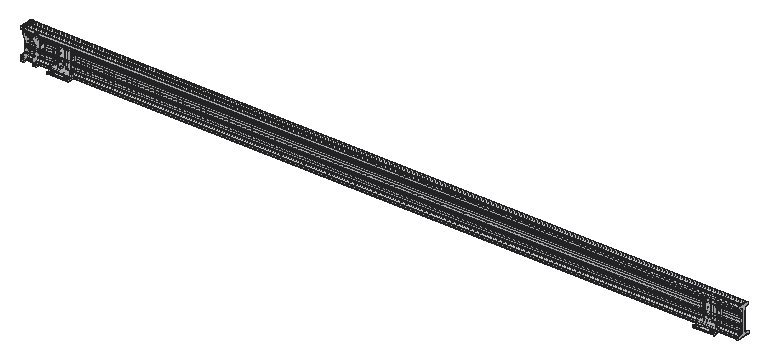
Revit family "Xbeam - 10m Beam + Brackets", category Structural Framing, Revit 2017 (continued)
Automatic sketch dimensions
  Extrusion 11 sketch curve to Extrusion 11 sketch curve = 0.502 mm  (x2)
  Extrusion 11 sketch curve to Extrusion 11 sketch curve = 1.295 mm
  Extrusion 11 sketch curve to Extrusion 11 sketch curve = 1.598 mm  (x2)
  Extrusion 11 sketch curve to Extrusion 11 sketch curve = 0.639 mm
  Extrusion 11 sketch curve to Extrusion 11 sketch curve = 0.124 mm  (x2)
  Extrusion 11 sketch curve to Extrusion 11 sketch curve = 0.847 mm  (x2)
  Extrusion 11 sketch curve to Extrusion 11 sketch curve = 0.366 mm  (x2)
  Extrusion 11 sketch curve to Extrusion 11 sketch curve = 0.423 mm  (x2)
  Extrusion 11 sketch curve to Extrusion 11 sketch curve = 4.112 mm
  Extrusion 11 sketch curve to Extrusion 11 sketch curve = 5.979 mm  (x2)
  Extrusion 11 sketch curve to Extrusion 11 sketch curve = 0.636 mm  (x2)
  Extrusion 11 sketch curve to Extrusion 11 sketch curve = 0.261 mm  (x2)
  Extrusion 11 sketch curve to Extrusion 11 sketch curve = 2.427 mm
  Extrusion 11 sketch curve to Extrusion 11 sketch curve = 1.499 mm  (x2)
  Extrusion 11 sketch curve to Extrusion 11 sketch curve = 1.323 mm  (x2)
  Extrusion 11 sketch curve to Extrusion 11 sketch curve = 2.324 mm  (x2)
  Extrusion 11 sketch curve to Extrusion 11 sketch curve = 4.829 mm  (x2)
  Extrusion 11 sketch curve to Extrusion 11 sketch curve = 0.801 mm  (x2)
  Extrusion 11 sketch curve to Extrusion 11 sketch curve = 12.957 mm
  Extrusion 11 sketch curve to Extrusion 11 sketch curve = 4 mm
  Extrusion 11 sketch curve to Extrusion 11 sketch curve = 7.484 mm
  Extrusion 11 sketch curve to Extrusion 11 sketch curve = 33.263 mm
  Extrusion 11 sketch curve to Extrusion 11 sketch curve = 1.771 mm
  Extrusion 11 sketch curve to Extrusion 11 sketch curve = 0.286 mm
  Extrusion 11 sketch curve to Extrusion 11 sketch curve = 0.61 mm
  Extrusion 11 sketch curve to Extrusion 11 sketch curve = 2.751 mm
  Extrusion 11 sketch curve to Extrusion 11 sketch curve = 2.62 mm
  Extrusion 11 sketch curve to Extrusion 11 sketch curve = 0.383 mm
  Extrusion 11 sketch curve to Extrusion 11 sketch curve = 3.533 mm
  Extrusion 11 sketch curve to Extrusion 11 sketch curve = 2.364 mm
  Extrusion 11 sketch curve to Extrusion 11 sketch curve = 1.963 mm
  Extrusion 11 sketch curve to Extrusion 11 sketch curve = 0.914 mm
  Extrusion 11 sketch curve to Extrusion 11 sketch curve = 0.268 mm
  Extrusion 11 sketch curve to Extrusion 11 sketch curve = 2.023 mm
  Extrusion 11 sketch curve to Extrusion 11 sketch curve = 0.603 mm  (x16)
  Extrusion 11 sketch curve to Extrusion 11 sketch curve = 2.443 mm
  Extrusion 11 sketch curve to Extrusion 11 sketch curve = 0.596 mm  (x16)
  Extrusion 11 sketch curve to Extrusion 11 sketch curve = 0.866 mm
  Extrusion 11 sketch curve to Extrusion 11 sketch curve = 1.312 mm  (x14)
  Extrusion 11 sketch curve to Extrusion 11 sketch curve = 1.783 mm
  Extrusion 11 sketch curve to Extrusion 11 sketch curve = 3.996 mm
  Extrusion 11 sketch curve to Extrusion 11 sketch curve = 2.833 mm
  Extrusion 11 sketch curve to Extrusion 11 sketch curve = 2.017 mm
  Extrusion 11 sketch curve to Extrusion 11 sketch curve = 0.285 mm
  Extrusion 11 sketch curve to Extrusion 11 sketch curve = 1.173 mm
  Extrusion 11 sketch curve to Extrusion 11 sketch curve = 0.781 mm
  Extrusion 11 sketch curve to Extrusion 11 sketch curve = 2.506 mm
  Extrusion 11 sketch curve to Extrusion 11 sketch curve = 0.776 mm
  Extrusion 12 sketch curve to Extrusion 12 sketch curve = 0.656 mm
  Extrusion 12 sketch curve to Extrusion 12 sketch curve = 1.3 mm  (x3)
  Extrusion 12 sketch curve to Extrusion 12 sketch curve = 0.644 mm
  Extrusion 12 sketch curve to Extrusion 12 sketch curve = 0.64 mm
  Extrusion 12 sketch curve to Extrusion 12 sketch curve = 0.045 mm
  Extrusion 12 sketch curve to Extrusion 12 sketch curve = 0.72 mm
  Extrusion 12 sketch curve to Extrusion 12 sketch curve = 0.054 mm
  Extrusion 12 sketch curve to Extrusion 12 sketch curve = 58.06 mm
  Extrusion 12 sketch curve to Extrusion 12 sketch curve = 0.07 mm
  Extrusion 12 sketch curve to Extrusion 12 sketch curve = 2.482 mm
  Extrusion 12 sketch curve to Extrusion 12 sketch curve = 0.318 mm
  Extrusion 12 sketch curve to Extrusion 12 sketch curve = 0.079 mm
  Extrusion 12 sketch curve to Extrusion 12 sketch curve = 0.441 mm
  Extrusion 12 sketch curve to Extrusion 12 sketch curve = 1.192 mm
  Extrusion 12 sketch curve to Extrusion 12 sketch curve = 0.051 mm
  Extrusion 12 sketch curve to Extrusion 12 sketch curve = 0.868 mm
  Extrusion 12 sketch curve to Extrusion 12 sketch curve = 0.011 mm
  Extrusion 12 sketch curve to Extrusion 12 sketch curve = 0.6 mm
  Extrusion 12 sketch curve to Extrusion 12 sketch curve = 1.363 mm
  Extrusion 12 sketch curve to Extrusion 12 sketch curve = 0.127 mm
  Extrusion 12 sketch curve to Extrusion 12 sketch curve = 0 mm  (x4)
  Extrusion 12 sketch curve to Extrusion 12 sketch curve = 0.998 mm
  Extrusion 12 sketch curve to Extrusion 12 sketch curve = 0.455 mm
  Extrusion 12 sketch curve to Extrusion 12 sketch curve = 1.863 mm
  Extrusion 12 sketch curve to Extrusion 12 sketch curve = 0.174 mm
  Extrusion 12 sketch curve to Extrusion 12 sketch curve = 1.462 mm
  Extrusion 12 sketch curve to Extrusion 12 sketch curve = 0.532 mm
  Extrusion 12 sketch curve to Extrusion 12 sketch curve = 0.475 mm
  Extrusion 12 sketch curve to Extrusion 12 sketch curve = 0.526 mm
  Extrusion 12 sketch curve to Extrusion 12 sketch curve = 0.359 mm
  Extrusion 13 sketch curve to Extrusion 13 sketch curve = 0.408 mm  (x2)
  Extrusion 13 sketch curve to Extrusion 13 sketch curve = 0.759 mm
  Extrusion 13 sketch curve to Extrusion 13 sketch curve = 0.532 mm
  Extrusion 13 sketch curve to Extrusion 13 sketch curve = 0.657 mm  (x2)
  Extrusion 13 sketch curve to Extrusion 13 sketch curve = 1.507 mm
  Extrusion 13 sketch curve to Extrusion 13 sketch curve = 0 mm  (x28)
  Extrusion 13 sketch curve to Extrusion 13 sketch curve = 1.61 mm  (x2)
  Extrusion 13 sketch curve to Extrusion 13 sketch curve = 0.534 mm  (x33)
  Extrusion 13 sketch curve to Extrusion 13 sketch curve = 1.383 mm  (x2)
  Extrusion 13 sketch curve to Extrusion 13 sketch curve = 1.86 mm
  Extrusion 13 sketch curve to Extrusion 13 sketch curve = 2.8 mm  (x3)
  Extrusion 13 sketch curve to Extrusion 13 sketch curve = 0.099 mm
  Extrusion 13 sketch curve to Extrusion 13 sketch curve = 0.238 mm
  Extrusion 13 sketch curve to Extrusion 13 sketch curve = 0.248 mm  (x2)
  Extrusion 13 sketch curve to Extrusion 13 sketch curve = 0.5 mm  (x5)
  Extrusion 13 sketch curve to Extrusion 13 sketch curve = 0.919 mm  (x2)
  Extrusion 13 sketch curve to Extrusion 13 sketch curve = 0.957 mm
  Extrusion 13 sketch curve to Extrusion 13 sketch curve = 0.912 mm
  Extrusion 13 sketch curve to Extrusion 13 sketch curve = 1.053 mm
  Extrusion 13 sketch curve to Extrusion 13 sketch curve = 0.76 mm  (x2)
  Extrusion 13 sketch curve to Extrusion 13 sketch curve = 0.82 mm
  Extrusion 13 sketch curve to Extrusion 13 sketch curve = 1.45 mm
  Extrusion 13 sketch curve to Extrusion 13 sketch curve = 1.381 mm
  Extrusion 13 sketch curve to Extrusion 13 sketch curve = 1.53 mm  (x2)
  Extrusion 13 sketch curve to Extrusion 13 sketch curve = 1.145 mm  (x2)
  Extrusion 13 sketch curve to Extrusion 13 sketch curve = 0.826 mm  (x2)
  Extrusion 13 sketch curve to Extrusion 13 sketch curve = 1.422 mm
  Extrusion 13 sketch curve to Extrusion 13 sketch curve = 1.785 mm  (x2)
  Extrusion 13 sketch curve to Extrusion 13 sketch curve = 0.754 mm  (x2)
  Extrusion 13 sketch curve to Extrusion 13 sketch curve = 0.38 mm  (x2)
  Extrusion 13 sketch curve to Extrusion 13 sketch curve = 6.105 mm
  Extrusion 13 sketch curve to Extrusion 13 sketch curve = 1.612 mm
  Extrusion 13 sketch curve to Extrusion 13 sketch curve = 1.063 mm  (x4)
  Extrusion 13 sketch curve to Extrusion 13 sketch curve = 0.78 mm  (x2)
  Extrusion 13 sketch curve to Extrusion 13 sketch curve = 0.749 mm  (x2)
  Extrusion 13 sketch curve to Extrusion 13 sketch curve = 1.088 mm
  Extrusion 13 sketch curve to Extrusion 13 sketch curve = 1.241 mm
  Extrusion 13 sketch curve to Extrusion 13 sketch curve = 1.002 mm  (x2)
  Extrusion 13 sketch curve to Extrusion 13 sketch curve = 2.309 mm  (x2)
  Extrusion 13 sketch curve to Extrusion 13 sketch curve = 0.84 mm  (x2)
  Extrusion 13 sketch curve to Extrusion 13 sketch curve = 1.428 mm  (x2)
  Extrusion 13 sketch curve to Extrusion 13 sketch curve = 12.877 mm
  Extrusion 13 sketch curve to Extrusion 13 sketch curve = 10.65 mm  (x2)
  Extrusion 13 sketch curve to Extrusion 13 sketch curve = 2.64 mm
  Extrusion 13 sketch curve to Extrusion 13 sketch curve = 19.229 mm
  Extrusion 13 sketch curve to Extrusion 13 sketch curve = 0.899 mm
  Extrusion 13 sketch curve to Extrusion 13 sketch curve = 0.308 mm
  Extrusion 13 sketch curve to Extrusion 13 sketch curve = 1.958 mm
  Extrusion 13 sketch curve to Extrusion 13 sketch curve = 0.986 mm
  Extrusion 13 sketch curve to Extrusion 13 sketch curve = 5.915 mm
  Extrusion 13 sketch curve to Extrusion 13 sketch curve = 2.806 mm
  Extrusion 13 sketch curve to Extrusion 13 sketch curve = 0.19 mm
  Extrusion 13 sketch curve to Extrusion 13 sketch curve = 13.457 mm
  Extrusion 13 sketch curve to Extrusion 13 sketch curve = 2.266 mm  (x3)
  Extrusion 13 sketch curve to Extrusion 13 sketch curve = 26.369 mm
  Extrusion 13 sketch curve to Extrusion 13 sketch curve = 0.045 mm
  Extrusion 13 sketch curve to Extrusion 13 sketch curve = 0.227 mm
  Extrusion 13 sketch curve to Extrusion 13 sketch curve = 0.01 mm
  Extrusion 13 sketch curve to Extrusion 13 sketch curve = 0.929 mm
  Extrusion 13 sketch curve to Extrusion 13 sketch curve = 0.249 mm
  Extrusion 13 sketch curve to Extrusion 13 sketch curve = 2.63 mm
  Extrusion 13 sketch curve to Extrusion 13 sketch curve = 0.575 mm
  Extrusion 13 sketch curve to Extrusion 13 sketch curve = 1.68 mm
  Extrusion 13 sketch curve to Extrusion 13 sketch curve = 0.579 mm
  Extrusion 13 sketch curve to Extrusion 13 sketch curve = 3.263 mm
  Extrusion 13 sketch curve to Extrusion 13 sketch curve = 0.851 mm
  Extrusion 13 sketch curve to Extrusion 13 sketch curve = 0.285 mm  (x2)
  Extrusion 13 sketch curve to Extrusion 13 sketch curve = 2.396 mm
  Extrusion 13 sketch curve to Extrusion 13 sketch curve = 3.41 mm
  Extrusion 13 sketch curve to Extrusion 13 sketch curve = 0.596 mm  (x32)
  Extrusion 13 sketch curve to Extrusion 13 sketch curve = 0.603 mm  (x32)
  Extrusion 13 sketch curve to Extrusion 13 sketch curve = 1.312 mm  (x28)
  Extrusion 13 sketch curve to Extrusion 13 sketch curve = 3.996 mm  (x2)
  Extrusion 13 sketch curve to Extrusion 13 sketch curve = 1.783 mm  (x2)
  Extrusion 13 sketch curve to Extrusion 13 sketch curve = 0.866 mm  (x2)
  Extrusion 13 sketch curve to Extrusion 13 sketch curve = 1.519 mm
  Extrusion 13 sketch curve to Extrusion 13 sketch curve = 2.443 mm  (x2)
  Extrusion 13 sketch curve to Extrusion 13 sketch curve = 0.769 mm
  Extrusion 13 sketch curve to Extrusion 13 sketch curve = 2.023 mm  (x2)
  Extrusion 13 sketch curve to Extrusion 13 sketch curve = 0.914 mm  (x2)
  Extrusion 13 sketch curve to Extrusion 13 sketch curve = 1.963 mm  (x2)
  Extrusion 13 sketch curve to Extrusion 13 sketch curve = 0.661 mm
  Extrusion 13 sketch curve to Extrusion 13 sketch curve = 1.095 mm
  Extrusion 13 sketch curve to Extrusion 13 sketch curve = 1.347 mm
  Extrusion 13 sketch curve to Extrusion 13 sketch curve = 1.097 mm
  Extrusion 13 sketch curve to Extrusion 13 sketch curve = 3.533 mm  (x2)
  Extrusion 13 sketch curve to Extrusion 13 sketch curve = 0.479 mm
  Extrusion 13 sketch curve to Extrusion 13 sketch curve = 0.61 mm  (x2)
  Extrusion 13 sketch curve to Extrusion 13 sketch curve = 0.619 mm
  Extrusion 13 sketch curve to Extrusion 13 sketch curve = 28.716 mm
  Extrusion 13 sketch curve to Extrusion 13 sketch curve = 3.8 mm
  Extrusion 13 sketch curve to Extrusion 13 sketch curve = 21.268 mm
  Extrusion 13 sketch curve to Extrusion 13 sketch curve = 21.014 mm
  Extrusion 13 sketch curve to Extrusion 13 sketch curve = 3.951 mm
  Extrusion 13 sketch curve to Extrusion 13 sketch curve = 0.587 mm
  Extrusion 13 sketch curve to Extrusion 13 sketch curve = 25.193 mm
  Extrusion 13 sketch curve to Extrusion 13 sketch curve = 1.771 mm
  Extrusion 13 sketch curve to Extrusion 13 sketch curve = 0.286 mm
  Extrusion 13 sketch curve to Extrusion 13 sketch curve = 0.41 mm
  Extrusion 13 sketch curve to Extrusion 13 sketch curve = 0.599 mm
  Extrusion 13 sketch curve to Extrusion 13 sketch curve = 2.751 mm
  Extrusion 13 sketch curve to Extrusion 13 sketch curve = 2.62 mm
  Extrusion 13 sketch curve to Extrusion 13 sketch curve = 0.383 mm
  Extrusion 13 sketch curve to Extrusion 13 sketch curve = 2.364 mm
  Extrusion 13 sketch curve to Extrusion 13 sketch curve = 0.268 mm
  Extrusion 13 sketch curve to Extrusion 13 sketch curve = 2.833 mm
  Extrusion 13 sketch curve to Extrusion 13 sketch curve = 2.017 mm
  Extrusion 13 sketch curve to Extrusion 13 sketch curve = 1.173 mm
  Extrusion 13 sketch curve to Extrusion 13 sketch curve = 0.781 mm
  Extrusion 13 sketch curve to Extrusion 13 sketch curve = 2.506 mm
  Extrusion 13 sketch curve to Extrusion 13 sketch curve = 0.776 mm
  Extrusion 14 sketch curve to Extrusion 14 sketch curve = 0.6 mm
  Extrusion 14 sketch curve to Extrusion 14 sketch curve = 0.011 mm
  Extrusion 14 sketch curve to Extrusion 14 sketch curve = 0.051 mm
  Extrusion 14 sketch curve to Extrusion 14 sketch curve = 0.868 mm
  Extrusion 14 sketch curve to Extrusion 14 sketch curve = 0.441 mm
  Extrusion 14 sketch curve to Extrusion 14 sketch curve = 0.521 mm
  Extrusion 14 sketch curve to Extrusion 14 sketch curve = 0.318 mm
  Extrusion 14 sketch curve to Extrusion 14 sketch curve = 2.81 mm
  Extrusion 14 sketch curve to Extrusion 14 sketch curve = 0.07 mm
  Extrusion 14 sketch curve to Extrusion 14 sketch curve = 57.995 mm
  Extrusion 14 sketch curve to Extrusion 14 sketch curve = 0.054 mm
  Extrusion 14 sketch curve to Extrusion 14 sketch curve = 0.036 mm
  Extrusion 14 sketch curve to Extrusion 14 sketch curve = 0.045 mm
  Extrusion 14 sketch curve to Extrusion 14 sketch curve = 0.64 mm
  Extrusion 14 sketch curve to Extrusion 14 sketch curve = 0.774 mm  (x2)
  Extrusion 14 sketch curve to Extrusion 14 sketch curve = 0.644 mm
  Extrusion 14 sketch curve to Extrusion 14 sketch curve = 1.3 mm  (x2)
  Extrusion 14 sketch curve to Extrusion 14 sketch curve = 0.174 mm
  Extrusion 14 sketch curve to Extrusion 14 sketch curve = 1.863 mm
  Extrusion 14 sketch curve to Extrusion 14 sketch curve = 0.327 mm
  Extrusion 14 sketch curve to Extrusion 14 sketch curve = 0.328 mm
  Extrusion 14 sketch curve to Extrusion 14 sketch curve = 0 mm  (x3)
  Extrusion 14 sketch curve to Extrusion 14 sketch curve = 0.455 mm
  Extrusion 14 sketch curve to Extrusion 14 sketch curve = 0.998 mm
  Extrusion 14 sketch curve to Extrusion 14 sketch curve = 1.49 mm
  Extrusion 14 sketch curve to Extrusion 14 sketch curve = 2.959 mm
  Extrusion 14 sketch curve to Extrusion 14 sketch curve = 1.462 mm
  Extrusion 14 sketch curve to Extrusion 14 sketch curve = 1.501 mm
  Extrusion 14 sketch curve to Extrusion 14 sketch curve = 4.574 mm
  Extrusion 14 sketch curve to Extrusion 14 sketch curve = 0.532 mm
  Extrusion 14 sketch curve to Extrusion 14 sketch curve = 0.475 mm
  Extrusion 14 sketch curve to Extrusion 14 sketch curve = 2.664 mm
  Extrusion 14 sketch curve to Extrusion 14 sketch curve = 0.562 mm
  Extrusion 14 sketch curve to Extrusion 14 sketch curve = 0.526 mm
  Extrusion 14 sketch curve to Extrusion 14 sketch curve = 0.359 mm
  Extrusion 15 sketch curve to Extrusion 15 sketch curve = 0.656 mm
  Extrusion 15 sketch curve to Extrusion 15 sketch curve = 1.3 mm  (x3)
  Extrusion 15 sketch curve to Extrusion 15 sketch curve = 0.644 mm
  Extrusion 15 sketch curve to Extrusion 15 sketch curve = 0.64 mm
  Extrusion 15 sketch curve to Extrusion 15 sketch curve = 0.045 mm
  Extrusion 15 sketch curve to Extrusion 15 sketch curve = 0.72 mm
  Extrusion 15 sketch curve to Extrusion 15 sketch curve = 0.054 mm
  Extrusion 15 sketch curve to Extrusion 15 sketch curve = 58.06 mm
  Extrusion 15 sketch curve to Extrusion 15 sketch curve = 0.07 mm
  Extrusion 15 sketch curve to Extrusion 15 sketch curve = 2.482 mm
  Extrusion 15 sketch curve to Extrusion 15 sketch curve = 0.318 mm
  Extrusion 15 sketch curve to Extrusion 15 sketch curve = 0.079 mm
  Extrusion 15 sketch curve to Extrusion 15 sketch curve = 0.441 mm
  Extrusion 15 sketch curve to Extrusion 15 sketch curve = 1.192 mm
  Extrusion 15 sketch curve to Extrusion 15 sketch curve = 0.051 mm
  Extrusion 15 sketch curve to Extrusion 15 sketch curve = 0.868 mm
  Extrusion 15 sketch curve to Extrusion 15 sketch curve = 0.011 mm
  Extrusion 15 sketch curve to Extrusion 15 sketch curve = 0.6 mm
  Extrusion 15 sketch curve to Extrusion 15 sketch curve = 0.174 mm
  Extrusion 15 sketch curve to Extrusion 15 sketch curve = 1.863 mm
  Extrusion 15 sketch curve to Extrusion 15 sketch curve = 0.327 mm
  Extrusion 15 sketch curve to Extrusion 15 sketch curve = 0.328 mm
  Extrusion 15 sketch curve to Extrusion 15 sketch curve = 0 mm  (x4)
  Extrusion 15 sketch curve to Extrusion 15 sketch curve = 0.455 mm
  Extrusion 15 sketch curve to Extrusion 15 sketch curve = 0.998 mm
  Extrusion 15 sketch curve to Extrusion 15 sketch curve = 1.49 mm
  Extrusion 15 sketch curve to Extrusion 15 sketch curve = 2.959 mm
  Extrusion 15 sketch curve to Extrusion 15 sketch curve = 1.462 mm
  Extrusion 15 sketch curve to Extrusion 15 sketch curve = 1.501 mm
  Extrusion 15 sketch curve to Extrusion 15 sketch curve = 4.574 mm
  Extrusion 15 sketch curve to Extrusion 15 sketch curve = 0.532 mm
  Extrusion 15 sketch curve to Extrusion 15 sketch curve = 0.475 mm
  Extrusion 15 sketch curve to Extrusion 15 sketch curve = 2.664 mm
  Extrusion 15 sketch curve to Extrusion 15 sketch curve = 0.526 mm
  Extrusion 15 sketch curve to Extrusion 15 sketch curve = 0.359 mm
  Extrusion 16 sketch curve to Extrusion 16 sketch curve = 0.754 mm  (x3)
  Extrusion 16 sketch curve to Extrusion 16 sketch curve = 0.918 mm
  Extrusion 16 sketch curve to Extrusion 16 sketch curve = 0.944 mm  (x2)
  Extrusion 16 sketch curve to Extrusion 16 sketch curve = 0.238 mm  (x2)
  Extrusion 16 sketch curve to Extrusion 16 sketch curve = 1.941 mm
  Extrusion 16 sketch curve to Extrusion 16 sketch curve = 0.41 mm  (x3)
  Extrusion 16 sketch curve to Extrusion 16 sketch curve = 0 mm  (x53)
  Extrusion 16 sketch curve to Extrusion 16 sketch curve = 0.798 mm
  Extrusion 16 sketch curve to Extrusion 16 sketch curve = 0.58 mm  (x2)
  Extrusion 16 sketch curve to Extrusion 16 sketch curve = 0.53 mm  (x39)
  Extrusion 16 sketch curve to Extrusion 16 sketch curve = 1.059 mm  (x2)
  Extrusion 16 sketch curve to Extrusion 16 sketch curve = 0.893 mm  (x2)
  Extrusion 16 sketch curve to Extrusion 16 sketch curve = 9.75 mm  (x3)
  Extrusion 16 sketch curve to Extrusion 16 sketch curve = 39.68 mm  (x2)
  Extrusion 16 sketch curve to Extrusion 16 sketch curve = 0.8 mm  (x4)
  Extrusion 16 sketch curve to Extrusion 16 sketch curve = 9.47 mm  (x2)
  Extrusion 16 sketch curve to Extrusion 16 sketch curve = 0.619 mm  (x2)
  Extrusion 16 sketch curve to Extrusion 16 sketch curve = 1 mm  (x2)
  Extrusion 16 sketch curve to Extrusion 16 sketch curve = 0.5 mm  (x10)
  Extrusion 16 sketch curve to Extrusion 16 sketch curve = 2 mm
  Extrusion 16 sketch curve to Extrusion 16 sketch curve = 0.408 mm
  Extrusion 16 sketch curve to Extrusion 16 sketch curve = 0.532 mm
  Extrusion 16 sketch curve to Extrusion 16 sketch curve = 3.87 mm  (x2)
  Extrusion 16 sketch curve to Extrusion 16 sketch curve = 1.61 mm
  Extrusion 16 sketch curve to Extrusion 16 sketch curve = 0.249 mm
  Extrusion 16 sketch curve to Extrusion 16 sketch curve = 2.8 mm
  Extrusion 16 sketch curve to Extrusion 16 sketch curve = 0.2 mm
  Extrusion 16 sketch curve to Extrusion 16 sketch curve = 0.248 mm
  Extrusion 16 sketch curve to Extrusion 16 sketch curve = 0.919 mm  (x2)
  Extrusion 16 sketch curve to Extrusion 16 sketch curve = 0.534 mm  (x16)
  Extrusion 16 sketch curve to Extrusion 16 sketch curve = 0.992 mm  (x2)
  Extrusion 16 sketch curve to Extrusion 16 sketch curve = 0.82 mm
  Extrusion 16 sketch curve to Extrusion 16 sketch curve = 2.002 mm  (x2)
  Extrusion 16 sketch curve to Extrusion 16 sketch curve = 1.381 mm
  Extrusion 16 sketch curve to Extrusion 16 sketch curve = 1.53 mm
  Extrusion 16 sketch curve to Extrusion 16 sketch curve = 1.145 mm
  Extrusion 16 sketch curve to Extrusion 16 sketch curve = 1.98 mm
  Extrusion 16 sketch curve to Extrusion 16 sketch curve = 0.826 mm
  Extrusion 16 sketch curve to Extrusion 16 sketch curve = 1.422 mm
  Extrusion 16 sketch curve to Extrusion 16 sketch curve = 1.785 mm
  Extrusion 16 sketch curve to Extrusion 16 sketch curve = 0.38 mm
  Extrusion 16 sketch curve to Extrusion 16 sketch curve = 1.612 mm
  Extrusion 16 sketch curve to Extrusion 16 sketch curve = 1.063 mm  (x2)
  Extrusion 16 sketch curve to Extrusion 16 sketch curve = 0.749 mm
  Extrusion 16 sketch curve to Extrusion 16 sketch curve = 12.195 mm
  Extrusion 16 sketch curve to Extrusion 16 sketch curve = 12.604 mm
  Extrusion 16 sketch curve to Extrusion 16 sketch curve = 10.65 mm
  Extrusion 16 sketch curve to Extrusion 16 sketch curve = 1.428 mm
  Extrusion 16 sketch curve to Extrusion 16 sketch curve = 0.84 mm
  Extrusion 16 sketch curve to Extrusion 16 sketch curve = 2.64 mm
  Extrusion 16 sketch curve to Extrusion 16 sketch curve = 1.002 mm
  Extrusion 16 sketch curve to Extrusion 16 sketch curve = 2.309 mm
  Extrusion 16 sketch curve to Extrusion 16 sketch curve = 0.308 mm
  Extrusion 16 sketch curve to Extrusion 16 sketch curve = 0.78 mm
  Extrusion 16 sketch curve to Extrusion 16 sketch curve = 13.002 mm
  Extrusion 16 sketch curve to Extrusion 16 sketch curve = 5.915 mm
  Extrusion 16 sketch curve to Extrusion 16 sketch curve = 0.19 mm
  Extrusion 16 sketch curve to Extrusion 16 sketch curve = 13.411 mm
  Extrusion 16 sketch curve to Extrusion 16 sketch curve = 0.273 mm
  Extrusion 16 sketch curve to Extrusion 16 sketch curve = 0.76 mm
  Extrusion 16 sketch curve to Extrusion 16 sketch curve = 19.229 mm
  Extrusion 16 sketch curve to Extrusion 16 sketch curve = 1.383 mm
  Extrusion 16 sketch curve to Extrusion 16 sketch curve = 0.657 mm
  Extrusion 16 sketch curve to Extrusion 16 sketch curve = 3 mm
  Extrusion 16 sketch curve to Extrusion 16 sketch curve = 0.759 mm
  Extrusion 16 sketch curve to Extrusion 16 sketch curve = 3.781 mm
  Extrusion 16 sketch curve to Extrusion 16 sketch curve = 0.088 mm
  Extrusion 16 sketch curve to Extrusion 16 sketch curve = 1.5 mm  (x3)
  Extrusion 16 sketch curve to Extrusion 16 sketch curve = 0.484 mm
  Extrusion 16 sketch curve to Extrusion 16 sketch curve = 0.436 mm
  Extrusion 16 sketch curve to Extrusion 16 sketch curve = 1.397 mm  (x2)
  Extrusion 16 sketch curve to Extrusion 16 sketch curve = 0.859 mm  (x2)
  Extrusion 16 sketch curve to Extrusion 16 sketch curve = 1.146 mm  (x4)
  Extrusion 16 sketch curve to Extrusion 16 sketch curve = 0.608 mm  (x38)
  Extrusion 16 sketch curve to Extrusion 16 sketch curve = 0.709 mm  (x2)
  Extrusion 16 sketch curve to Extrusion 16 sketch curve = 5 mm
  Extrusion 16 sketch curve to Extrusion 16 sketch curve = 0.599 mm  (x39)
  Extrusion 16 sketch curve to Extrusion 16 sketch curve = 1.021 mm  (x2)
  Extrusion 16 sketch curve to Extrusion 16 sketch curve = 1.293 mm  (x34)
  Extrusion 16 sketch curve to Extrusion 16 sketch curve = 0.502 mm  (x2)
  Extrusion 16 sketch curve to Extrusion 16 sketch curve = 1.598 mm  (x2)
  Extrusion 16 sketch curve to Extrusion 16 sketch curve = 0.639 mm  (x2)
  Extrusion 16 sketch curve to Extrusion 16 sketch curve = 0.124 mm  (x2)
  Extrusion 16 sketch curve to Extrusion 16 sketch curve = 0.847 mm  (x2)
  Extrusion 16 sketch curve to Extrusion 16 sketch curve = 0.366 mm  (x2)
  Extrusion 16 sketch curve to Extrusion 16 sketch curve = 0.423 mm  (x2)
  Extrusion 16 sketch curve to Extrusion 16 sketch curve = 5.979 mm  (x2)
  Extrusion 16 sketch curve to Extrusion 16 sketch curve = 0.636 mm  (x2)
  Extrusion 16 sketch curve to Extrusion 16 sketch curve = 0.261 mm  (x2)
  Extrusion 16 sketch curve to Extrusion 16 sketch curve = 2.427 mm  (x2)
  Extrusion 16 sketch curve to Extrusion 16 sketch curve = 1.499 mm  (x2)
  Extrusion 16 sketch curve to Extrusion 16 sketch curve = 2.324 mm  (x2)
  Extrusion 16 sketch curve to Extrusion 16 sketch curve = 1.323 mm  (x2)
  Extrusion 16 sketch curve to Extrusion 16 sketch curve = 4.829 mm  (x2)
  Extrusion 16 sketch curve to Extrusion 16 sketch curve = 0.801 mm  (x2)
  Extrusion 16 sketch curve to Extrusion 16 sketch curve = 12.957 mm
  Extrusion 16 sketch curve to Extrusion 16 sketch curve = 4 mm
  Extrusion 16 sketch curve to Extrusion 16 sketch curve = 7.484 mm
  Extrusion 16 sketch curve to Extrusion 16 sketch curve = 33.263 mm
  Extrusion 16 sketch curve to Extrusion 16 sketch curve = 1.771 mm
  Extrusion 16 sketch curve to Extrusion 16 sketch curve = 0.286 mm
  Extrusion 16 sketch curve to Extrusion 16 sketch curve = 0.61 mm
  Extrusion 16 sketch curve to Extrusion 16 sketch curve = 2.751 mm
  Extrusion 16 sketch curve to Extrusion 16 sketch curve = 2.62 mm
  Extrusion 16 sketch curve to Extrusion 16 sketch curve = 0.383 mm
  Extrusion 16 sketch curve to Extrusion 16 sketch curve = 3.533 mm
  Extrusion 16 sketch curve to Extrusion 16 sketch curve = 2.364 mm
  Extrusion 16 sketch curve to Extrusion 16 sketch curve = 1.963 mm
  Extrusion 16 sketch curve to Extrusion 16 sketch curve = 0.914 mm
  Extrusion 16 sketch curve to Extrusion 16 sketch curve = 0.268 mm
  Extrusion 16 sketch curve to Extrusion 16 sketch curve = 2.023 mm
  Extrusion 16 sketch curve to Extrusion 16 sketch curve = 0.603 mm  (x16)
  Extrusion 16 sketch curve to Extrusion 16 sketch curve = 2.443 mm
  Extrusion 16 sketch curve to Extrusion 16 sketch curve = 0.596 mm  (x16)
  Extrusion 16 sketch curve to Extrusion 16 sketch curve = 0.866 mm
  Extrusion 16 sketch curve to Extrusion 16 sketch curve = 1.312 mm  (x14)
  Extrusion 16 sketch curve to Extrusion 16 sketch curve = 1.783 mm
  Extrusion 16 sketch curve to Extrusion 16 sketch curve = 3.996 mm
  Extrusion 16 sketch curve to Extrusion 16 sketch curve = 2.833 mm
  Extrusion 16 sketch curve to Extrusion 16 sketch curve = 2.017 mm
  Extrusion 16 sketch curve to Extrusion 16 sketch curve = 0.285 mm
  Extrusion 16 sketch curve to Extrusion 16 sketch curve = 1.173 mm
  Extrusion 16 sketch curve to Extrusion 16 sketch curve = 0.781 mm
  Extrusion 16 sketch curve to Extrusion 16 sketch curve = 2.506 mm
  Extrusion 16 sketch curve to Extrusion 16 sketch curve = 0.776 mm
  Extrusion 10 sketch curve to Extrusion 10 sketch curve = 0.445 mm
  Extrusion 10 sketch curve to Extrusion 10 sketch curve = 0.6 mm
  Extrusion 10 sketch curve to Extrusion 10 sketch curve = 2.959 mm
  Extrusion 11 sketch curve to Extrusion 11 sketch curve = 0.408 mm
  Extrusion 11 sketch curve to Extrusion 11 sketch curve = 0.859 mm  (x2)
  Extrusion 11 sketch curve to Extrusion 11 sketch curve = 5 mm
  Extrusion 12 sketch curve to Extrusion 12 sketch curve = 0.671 mm
  Extrusion 12 sketch curve to Extrusion 12 sketch curve = 2.959 mm
  Extrusion 12 sketch curve to Extrusion 12 sketch curve = 1.501 mm
  Extrusion 12 sketch curve to Extrusion 12 sketch curve = 4.574 mm
  Extrusion 12 sketch curve to Extrusion 12 sketch curve = 2.664 mm
  Extrusion 14 sketch curve to Extrusion 14 sketch curve = 0.728 mm
  Extrusion 1 sketch curve to plane 1 "Center (Front/Back)" = 0 mm
  level to Extrusion 1 sketch curve = 46.726 mm
  Extrusion 2 sketch curve to plane 1 "Center (Front/Back)" = 0 mm
  level to Extrusion 2 sketch curve = 17 mm
  Extrusion 3 sketch curve to plane 1 "Center (Front/Back)" = 100.2 mm
  Extrusion 3 sketch curve to level = 46.726 mm
  plane 1 "Center (Front/Back)" to Extrusion 4 sketch curve = 99.5 mm
  level to Extrusion 4 sketch curve = 124.133 mm
  Extrusion 5 sketch curve to plane 1 "Center (Front/Back)" = 0 mm
  Extrusion 5 sketch curve to level = 387.274 mm
  plane 1 "Center (Front/Back)" to Extrusion 6 sketch curve = 100.2 mm
  level to Extrusion 6 sketch curve = 387.274 mm
  Extrusion 7 sketch curve to plane 1 "Center (Front/Back)" = 0 mm
  level to Extrusion 7 sketch curve = 417 mm
Nested families
  nested 1: "tapa viga" at (0, 0, 17), type "tapa viga"
  nested 2: "tapa viga" at (10000, 0, 17) x (-1, 0, 0) z (0, 0, 1), type "tapa viga"
  nested 3: "bracket 1" at (-37.869, 175.093, 25) x (0, -1, 0) z (0, 0, 1), type "bracket 1"
  nested 4: "tapa viga" at (0, 0, 0), type "tapa viga", not visible
  nested 5: "tapa viga" at (1510, 0, 0) x (-1, 0, 0) z (0, 0, 1), type "tapa viga", not visible
  nested 6: "bracket 2" at (215.146, -403.006, 0), type "bracket 2"
  nested 7: "bracket 2" at (9215.146, -403.006, 0), type "bracket 2"
Definition of nested family "tapa viga"
  Reference planes
    plane 1 "Center (Front/Back)": y = 0
    plane 2: z = 0
    plane 3 "Center (Left/Right)": x = 0
  Forms (mm)
    Extrusion 1, solid
      sketch origin (0, 137.364, -83.54) x (0, 1, 0) y (0, 0, 1)
        loop
          line (-202.864, 428.045) -> (-200.864, 433.54) -> (-200.864, 443.909)
          arc (-200.864, 443.909) -> (-200.596, 444.59) -> (-199.935, 444.905) r 0.998
          line (-199.935, 444.905) -> (-137.364, 449.28) -> (-137.364, 481.534)
          arc (-137.364, 481.534) -> (-137.952, 482.953) -> (-139.37, 483.54) r 2.006
          line (-139.37, 483.54) -> (-300.409, 483.54)
          arc (-300.409, 483.54) -> (-301.792, 482.968) -> (-302.364, 481.585) r 1.955
          line (-302.364, 481.585) -> (-302.364, 449.28) -> (-239.769, 444.903)
          arc (-239.769, 444.903) -> (-239.125, 444.596) -> (-238.864, 443.932) r 0.973
          line (-238.864, 443.932) -> (-238.864, 433.54) -> (-236.864, 428.045) -> (-236.864, 139.035) -> (-238.864, 133.54) -> (-238.864, 123.144)
          arc (-238.864, 123.144) -> (-239.124, 122.483) -> (-239.765, 122.178) r 0.969
          line (-239.765, 122.178) -> (-302.364, 117.8) -> (-302.364, 85.602)
          arc (-302.364, 85.602) -> (-301.76, 84.144) -> (-300.302, 83.54) r 2.062
          line (-300.302, 83.54) -> (-139.435, 83.54)
          arc (-139.435, 83.54) -> (-137.97, 84.147) -> (-137.364, 85.611) r 2.071
          line (-137.364, 85.611) -> (-137.364, 117.8) -> (-199.94, 122.176)
          arc (-199.94, 122.176) -> (-200.597, 122.489) -> (-200.864, 123.167) r 0.993
          line (-200.864, 123.167) -> (-200.864, 133.54) -> (-202.864, 139.035) -> (-202.864, 428.045)
      from 0 to 1.6
    Extrusion 2, solid
      sketch origin (113.996, -99.5, -23.522) x (-1, 0, 0) y (0, 0, -1)
        loop
          arc (89.996, -272.781) -> (90.044, -273.516) -> (90.188, -274.238) r 5.63
          line (90.188, -274.238) -> (112.396, -357.12) -> (112.396, -89.924) -> (90.271, -172.498)
          arc (90.271, -172.498) -> (90.065, -173.531) -> (89.996, -174.583) r 8.057
          line (89.996, -174.583) -> (89.996, -272.781)
        loop
          circle (99.996, -268.522) r 3.4
        loop
          circle (99.996, -178.522) r 3.4
      from 0 to 1.6
    Extrusion 3, solid
      sketch origin (113.996, -63.9, -23.522) x (-1, 0, 0) y (0, 0, -1)
        loop
          arc (89.996, -272.781) -> (90.044, -273.516) -> (90.188, -274.238) r 5.63
          line (90.188, -274.238) -> (112.396, -357.12) -> (112.396, -89.924) -> (90.271, -172.498)
          arc (90.271, -172.498) -> (90.065, -173.531) -> (89.996, -174.583) r 8.057
          line (89.996, -174.583) -> (89.996, -272.781)
        loop
          circle (99.996, -268.522) r 3.4
        loop
          circle (99.996, -178.522) r 3.4
      from 0 to 1.6
    Extrusion 4, solid
      sketch origin (0, 0, 0) x (1, 0, 0) y (0, 1, 0)
        loop
          line (1.6, -101.1) -> (1.6, -99.5) -> (0, -99.5)
          arc (0, -99.5) -> (0.469, -100.631) -> (1.6, -101.1) r 1.6
      from 66.402 to 333.598
    Extrusion 5, solid
      sketch origin (0, -165, 0) x (1, 0, 0) y (0, 1, 0)
        loop
          arc (1.6, 101.1) -> (0.469, 100.631) -> (0, 99.5) r 1.6
          line (0, 99.5) -> (1.6, 99.5) -> (1.6, 101.1)
      from 66.402 to 333.598
    Extrusion 6, solid
      sketch origin (-74.757, -7.68, -1.6) x (1, 0, 0) y (0, 1, 0)
        loop
          line (76.357, -147.767) -> (97.8, -94.694)
          arc (97.8, -94.694) -> (98.516, -92.278) -> (98.757, -89.769) r 13.147
          line (98.757, -89.769) -> (98.757, -59.82)
          arc (98.757, -59.82) -> (98.521, -57.37) -> (97.822, -55.011) r 12.84
          line (97.822, -55.011) -> (76.357, -1.883) -> (76.357, -147.767)
        loop
          circle (88.757, -74.825) r 3.4
      from 0 to 1.6
    Extrusion 7, solid
      sketch origin (0, 0, 0) x (1, 0, 0) y (0, 0, 1)
        loop
          arc (0, 0) -> (0.469, -1.131) -> (1.6, -1.6) r 1.6
          line (1.6, -1.6) -> (1.6, 0) -> (0, 0)
      from 9.562 to 155.446
    Extrusion 8, solid
      sketch origin (-74.757, -7.68, 400) x (0, -1, 0) y (1, 0, 0)
        loop
          line (147.767, 76.357) -> (94.694, 97.8)
          arc (94.694, 97.8) -> (92.278, 98.516) -> (89.769, 98.757) r 13.147
          line (89.769, 98.757) -> (59.82, 98.757)
          arc (59.82, 98.757) -> (57.37, 98.521) -> (55.011, 97.822) r 12.84
          line (55.011, 97.822) -> (1.883, 76.357) -> (147.767, 76.357)
        loop
          circle (74.825, 88.757) r 3.4
      from 0 to 1.6
    Extrusion 9, solid
      sketch origin (0, 0, 400) x (1, 0, 0) y (0, 0, 1)
        loop
          line (0, 0) -> (1.6, 0) -> (1.6, 1.6)
          arc (1.6, 1.6) -> (0.469, 1.131) -> (0, 0) r 1.6
      from 9.562 to 155.446
    Extrusion 10, solid
      sketch origin (-117.006, -47.548, 357.527) x (1, 0, 0) y (0, 0.997564, -0.069756)
        loop
          line (118.606, -112.048) -> (134.312, -101.05)
          arc (134.312, -101.05) -> (139.232, -95.44) -> (141.006, -88.191) r 15.698
          line (141.006, -88.191) -> (141.006, -84.85)
          arc (141.006, -84.85) -> (139.164, -77.322) -> (134.054, -71.495) r 16.303
          line (134.054, -71.495) -> (118.606, -60.678) -> (118.606, -112.048)
        loop
          circle (130.993, -86.363) r 3.38
      from -1.6 to 0
    Extrusion 11, solid
      sketch origin (0, -47.548, 357.527) x (1, 0, 0) y (0, 0.069756, 0.997564)
        loop
          arc (0, 0) -> (0.469, -1.131) -> (1.6, -1.6) r 1.6
          line (1.6, -1.6) -> (1.6, 0) -> (0, 0)
      from 60.678 to 112.048
    Extrusion 12, solid, not visible
      sketch origin (-7.527, 0, 46.546) x (1, 0, 0) y (0, 1, 0)
        loop
          line (118.606, -112.048) -> (134.312, -101.05)
          arc (134.312, -101.05) -> (139.232, -95.44) -> (141.006, -88.191) r 15.698
          line (141.006, -88.191) -> (141.006, -84.85)
          arc (141.006, -84.85) -> (139.164, -77.322) -> (134.054, -71.495) r 16.303
          line (134.054, -71.495) -> (118.606, -60.678) -> (118.606, -112.048)
        loop
          circle (130.993, -86.363) r 3.38
      from -1.6 to 0
    Extrusion 13, solid, not visible
      sketch origin (109.478, 0, 46.546) x (1, 0, 0) y (0, 0, 1)
        loop
          arc (0, 0) -> (0.469, -1.131) -> (1.6, -1.6) r 1.6
          line (1.6, -1.6) -> (1.6, 0) -> (0, 0)
      from 60.678 to 112.048
    Extrusion 14, solid
      sketch origin (-117.006, -47.548, 42.473) x (1, 0, 0) y (0, -0.997564, -0.069756)
        loop
          line (118.606, 112.048) -> (118.606, 60.678) -> (134.054, 71.495)
          arc (134.054, 71.495) -> (139.164, 77.322) -> (141.006, 84.85) r 16.303
          line (141.006, 84.85) -> (141.006, 88.191)
          arc (141.006, 88.191) -> (139.232, 95.44) -> (134.312, 101.05) r 15.698
          line (134.312, 101.05) -> (118.606, 112.048)
        loop
          circle (130.993, 86.363) r 3.38
      from -1.6 to 0
    Extrusion 15, solid
      sketch origin (0, -47.548, 42.473) x (1, 0, 0) y (0, -0.069756, 0.997564)
        loop
          line (0, 0) -> (1.6, 0) -> (1.6, 1.6)
          arc (1.6, 1.6) -> (0.469, 1.131) -> (0, 0) r 1.6
      from 60.678 to 112.048
    Extrusion 16, solid
      sketch origin (-117.006, -117.461, 357.527) x (1, 0, 0) y (0, 0.997564, 0.069756)
        loop
          line (118.606, 112.048) -> (118.606, 60.678) -> (134.054, 71.495)
          arc (134.054, 71.495) -> (139.164, 77.322) -> (141.006, 84.85) r 16.303
          line (141.006, 84.85) -> (141.006, 88.191)
          arc (141.006, 88.191) -> (139.232, 95.44) -> (134.312, 101.05) r 15.698
          line (134.312, 101.05) -> (118.606, 112.048)
        loop
          circle (130.993, 86.363) r 3.38
      from -1.6 to 0
    Extrusion 17, solid
      sketch origin (0, -117.461, 357.527) x (1, 0, 0) y (0, 0.069756, -0.997564)
        loop
          line (0, 0) -> (1.6, 0) -> (1.6, 1.6)
          arc (1.6, 1.6) -> (0.469, 1.131) -> (0, 0) r 1.6
      from 60.678 to 112.048
    Extrusion 18, solid
      sketch origin (-117.006, -117.461, 42.473) x (1, 0, 0) y (0, -0.997564, 0.069756)
        loop
          line (118.606, -112.048) -> (134.312, -101.05)
          arc (134.312, -101.05) -> (139.232, -95.44) -> (141.006, -88.191) r 15.698
          line (141.006, -88.191) -> (141.006, -84.85)
          arc (141.006, -84.85) -> (139.164, -77.322) -> (134.054, -71.495) r 16.303
          line (134.054, -71.495) -> (118.606, -60.678) -> (118.606, -112.048)
        loop
          circle (130.993, -86.363) r 3.38
      from -1.6 to 0
    Extrusion 19, solid
      sketch origin (0, -117.461, 42.473) x (1, 0, 0) y (0, -0.069756, -0.997564)
        loop
          arc (0, 0) -> (0.469, -1.131) -> (1.6, -1.6) r 1.6
          line (1.6, -1.6) -> (1.6, 0) -> (0, 0)
      from 60.678 to 112.048
    Extrusion 20, solid, not visible
      sketch origin (0, 137.364, -83.54) x (0, 1, 0) y (0, 0, 1)
        loop
          line (-202.864, 428.045) -> (-200.864, 433.54) -> (-200.864, 443.909)
          arc (-200.864, 443.909) -> (-200.596, 444.59) -> (-199.935, 444.905) r 0.998
          line (-199.935, 444.905) -> (-137.364, 449.28) -> (-137.364, 481.534)
          arc (-137.364, 481.534) -> (-137.952, 482.953) -> (-139.37, 483.54) r 2.006
          line (-139.37, 483.54) -> (-300.409, 483.54)
          arc (-300.409, 483.54) -> (-301.792, 482.968) -> (-302.364, 481.585) r 1.955
          line (-302.364, 481.585) -> (-302.364, 449.28) -> (-239.769, 444.903)
          arc (-239.769, 444.903) -> (-239.125, 444.596) -> (-238.864, 443.932) r 0.973
          line (-238.864, 443.932) -> (-238.864, 433.54) -> (-236.864, 428.045) -> (-236.864, 139.035) -> (-238.864, 133.54) -> (-238.864, 123.144)
          arc (-238.864, 123.144) -> (-239.124, 122.483) -> (-239.765, 122.178) r 0.969
          line (-239.765, 122.178) -> (-302.364, 117.8) -> (-302.364, 85.602)
          arc (-302.364, 85.602) -> (-301.76, 84.144) -> (-300.302, 83.54) r 2.062
          line (-300.302, 83.54) -> (-139.435, 83.54)
          arc (-139.435, 83.54) -> (-137.97, 84.147) -> (-137.364, 85.611) r 2.071
          line (-137.364, 85.611) -> (-137.364, 117.8) -> (-199.94, 122.176)
          arc (-199.94, 122.176) -> (-200.597, 122.489) -> (-200.864, 123.167) r 0.993
          line (-200.864, 123.167) -> (-200.864, 133.54) -> (-202.864, 139.035) -> (-202.864, 428.045)
      from 0 to 1.6
    Extrusion 21, solid, not visible
      sketch origin (113.996, -99.5, -23.522) x (-1, 0, 0) y (0, 0, -1)
        loop
          arc (89.996, -272.781) -> (90.044, -273.516) -> (90.188, -274.238) r 5.63
          line (90.188, -274.238) -> (112.396, -357.12) -> (112.396, -89.924) -> (90.271, -172.498)
          arc (90.271, -172.498) -> (90.065, -173.531) -> (89.996, -174.583) r 8.057
          line (89.996, -174.583) -> (89.996, -272.781)
        loop
          circle (99.996, -268.522) r 3.4
        loop
          circle (99.996, -178.522) r 3.4
      from 0 to 1.6
    Extrusion 22, solid, not visible
      sketch origin (113.996, -63.9, -23.522) x (-1, 0, 0) y (0, 0, -1)
        loop
          arc (89.996, -272.781) -> (90.044, -273.516) -> (90.188, -274.238) r 5.63
          line (90.188, -274.238) -> (112.396, -357.12) -> (112.396, -89.924) -> (90.271, -172.498)
          arc (90.271, -172.498) -> (90.065, -173.531) -> (89.996, -174.583) r 8.057
          line (89.996, -174.583) -> (89.996, -272.781)
        loop
          circle (99.996, -268.522) r 3.4
        loop
          circle (99.996, -178.522) r 3.4
      from 0 to 1.6
    Extrusion 23, solid, not visible
      sketch origin (0, 0, 0) x (1, 0, 0) y (0, 1, 0)
        loop
          line (1.6, -101.1) -> (1.6, -99.5) -> (0, -99.5)
          arc (0, -99.5) -> (0.469, -100.631) -> (1.6, -101.1) r 1.6
      from 66.402 to 333.598
    Extrusion 24, solid, not visible
      sketch origin (0, -165, 0) x (1, 0, 0) y (0, 1, 0)
        loop
          arc (1.6, 101.1) -> (0.469, 100.631) -> (0, 99.5) r 1.6
          line (0, 99.5) -> (1.6, 99.5) -> (1.6, 101.1)
      from 66.402 to 333.598
    Extrusion 25, solid, not visible
      sketch origin (-74.757, -7.68, -1.6) x (1, 0, 0) y (0, 1, 0)
        loop
          line (76.357, -147.767) -> (97.8, -94.694)
          arc (97.8, -94.694) -> (98.516, -92.278) -> (98.757, -89.769) r 13.147
          line (98.757, -89.769) -> (98.757, -59.82)
          arc (98.757, -59.82) -> (98.521, -57.37) -> (97.822, -55.011) r 12.84
          line (97.822, -55.011) -> (76.357, -1.883) -> (76.357, -147.767)
        loop
          circle (88.757, -74.825) r 3.4
      from 0 to 1.6
    Extrusion 26, solid, not visible
      sketch origin (0, 0, 0) x (1, 0, 0) y (0, 0, 1)
        loop
          arc (0, 0) -> (0.469, -1.131) -> (1.6, -1.6) r 1.6
          line (1.6, -1.6) -> (1.6, 0) -> (0, 0)
      from 9.562 to 155.446
    Extrusion 27, solid, not visible
      sketch origin (-74.757, -7.68, 400) x (0, -1, 0) y (1, 0, 0)
        loop
          line (147.767, 76.357) -> (94.694, 97.8)
          arc (94.694, 97.8) -> (92.278, 98.516) -> (89.769, 98.757) r 13.147
          line (89.769, 98.757) -> (59.82, 98.757)
          arc (59.82, 98.757) -> (57.37, 98.521) -> (55.011, 97.822) r 12.84
          line (55.011, 97.822) -> (1.883, 76.357) -> (147.767, 76.357)
        loop
          circle (74.825, 88.757) r 3.4
      from 0 to 1.6
    Extrusion 28, solid, not visible
      sketch origin (0, 0, 400) x (1, 0, 0) y (0, 0, 1)
        loop
          line (0, 0) -> (1.6, 0) -> (1.6, 1.6)
          arc (1.6, 1.6) -> (0.469, 1.131) -> (0, 0) r 1.6
      from 9.562 to 155.446
    Extrusion 29, solid, not visible
      sketch origin (-117.006, -47.548, 357.527) x (1, 0, 0) y (0, 0.997564, -0.069756)
        loop
          line (118.606, -112.048) -> (134.312, -101.05)
          arc (134.312, -101.05) -> (139.232, -95.44) -> (141.006, -88.191) r 15.698
          line (141.006, -88.191) -> (141.006, -84.85)
          arc (141.006, -84.85) -> (139.164, -77.322) -> (134.054, -71.495) r 16.303
          line (134.054, -71.495) -> (118.606, -60.678) -> (118.606, -112.048)
        loop
          circle (130.993, -86.363) r 3.38
      from -1.6 to 0
    Extrusion 30, solid, not visible
      sketch origin (0, -47.548, 357.527) x (1, 0, 0) y (0, 0.069756, 0.997564)
        loop
          arc (0, 0) -> (0.469, -1.131) -> (1.6, -1.6) r 1.6
          line (1.6, -1.6) -> (1.6, 0) -> (0, 0)
      from 60.678 to 112.048
    Extrusion 31, solid, not visible
      sketch origin (-117.006, -47.548, 42.473) x (1, 0, 0) y (0, -0.997564, -0.069756)
        loop
          line (118.606, 112.048) -> (118.606, 60.678) -> (134.054, 71.495)
          arc (134.054, 71.495) -> (139.164, 77.322) -> (141.006, 84.85) r 16.303
          line (141.006, 84.85) -> (141.006, 88.191)
          arc (141.006, 88.191) -> (139.232, 95.44) -> (134.312, 101.05) r 15.698
          line (134.312, 101.05) -> (118.606, 112.048)
        loop
          circle (130.993, 86.363) r 3.38
      from -1.6 to 0
    Extrusion 32, solid, not visible
      sketch origin (0, -47.548, 42.473) x (1, 0, 0) y (0, -0.069756, 0.997564)
        loop
          line (0, 0) -> (1.6, 0) -> (1.6, 1.6)
          arc (1.6, 1.6) -> (0.469, 1.131) -> (0, 0) r 1.6
      from 60.678 to 112.048
    Extrusion 33, solid, not visible
      sketch origin (-117.006, -117.461, 357.527) x (1, 0, 0) y (0, 0.997564, 0.069756)
        loop
          line (118.606, 112.048) -> (118.606, 60.678) -> (134.054, 71.495)
          arc (134.054, 71.495) -> (139.164, 77.322) -> (141.006, 84.85) r 16.303
          line (141.006, 84.85) -> (141.006, 88.191)
          arc (141.006, 88.191) -> (139.232, 95.44) -> (134.312, 101.05) r 15.698
          line (134.312, 101.05) -> (118.606, 112.048)
        loop
          circle (130.993, 86.363) r 3.38
      from -1.6 to 0
    Extrusion 34, solid, not visible
      sketch origin (0, -117.461, 357.527) x (1, 0, 0) y (0, 0.069756, -0.997564)
        loop
          line (0, 0) -> (1.6, 0) -> (1.6, 1.6)
          arc (1.6, 1.6) -> (0.469, 1.131) -> (0, 0) r 1.6
      from 60.678 to 112.048
    Extrusion 35, solid, not visible
      sketch origin (-117.006, -117.461, 42.473) x (1, 0, 0) y (0, -0.997564, 0.069756)
        loop
          line (118.606, -112.048) -> (134.312, -101.05)
          arc (134.312, -101.05) -> (139.232, -95.44) -> (141.006, -88.191) r 15.698
          line (141.006, -88.191) -> (141.006, -84.85)
          arc (141.006, -84.85) -> (139.164, -77.322) -> (134.054, -71.495) r 16.303
          line (134.054, -71.495) -> (118.606, -60.678) -> (118.606, -112.048)
        loop
          circle (130.993, -86.363) r 3.38
      from -1.6 to 0
    Extrusion 36, solid, not visible
      sketch origin (0, -117.461, 42.473) x (1, 0, 0) y (0, -0.069756, -0.997564)
        loop
          arc (0, 0) -> (0.469, -1.131) -> (1.6, -1.6) r 1.6
          line (1.6, -1.6) -> (1.6, 0) -> (0, 0)
      from 60.678 to 112.048
  Cuts and joins
    joined: Extrusion 1, Extrusion 2, Extrusion 3, Extrusion 4, Extrusion 5, Extrusion 6, Extrusion 7, Extrusion 8, Extrusion 9, Extrusion 10, Extrusion 11, Extrusion 14, Extrusion 15, Extrusion 16, Extrusion 17, Extrusion 18, Extrusion 19
  Dimensions and locks
    aligned and locked: level to plane 2
Definition of nested family "bracket 1"
  Reference planes
    plane 1 "Center (Front/Back)": y = 0
    plane 2: z = 0
    plane 3 "Center (Left/Right)": x = 0
    plane 4: y = 319.469
    plane 5: x = 110.593
    plane 6: x = 390.093
    plane 7: y = 39.469
    plane 8: y = 179.469
    plane 9: x = 250.343
  Forms (mm)
    Extrusion 1, solid
      sketch origin (0, 0, 0) x (1, 0, 0) y (0, 1, 0)
        loop
          line (110.593, 234.719) -> (110.593, 124.219) -> (175.093, 124.219) -> (175.093, 234.719) -> (110.593, 234.719)
        loop
          circle (135.593, 212.719) r 6.5
        loop
          circle (135.593, 146.219) r 6.5
      from 0 to 8
    Extrusion 2, solid
      sketch origin (0, 0, 0) x (0, 1, 0) y (0, 0, 1)
        loop
          arc (124.219, 8) -> (117.148, 10.929) -> (114.219, 18) r 10
          line (114.219, 18) -> (106.219, 18)
          arc (106.219, 18) -> (111.491, 5.272) -> (124.219, 0) r 18
          line (124.219, 0) -> (124.219, 8)
      from 110.593 to 175.093
    Extrusion 3, solid
      sketch origin (-184.887, 356.219, 6.456) x (1, 0, 0) y (0, 0, 1)
        loop
          line (295.481, 181.082) -> (295.481, 11.544) -> (359.981, 11.544) -> (359.981, 21.544)
          arc (359.981, 21.544) -> (364.374, 32.15) -> (374.981, 36.544) r 15
          line (374.981, 36.544) -> (407.481, 36.544) -> (407.481, 101.544) -> (406.481, 101.544)
          arc (406.481, 101.544) -> (397.481, 110.544) -> (406.481, 119.544) r 9
          line (406.481, 119.544) -> (407.481, 119.544) -> (407.481, 251.544) -> (406.481, 251.544)
          arc (406.481, 251.544) -> (397.481, 260.544) -> (406.481, 269.544) r 9
          line (406.481, 269.544) -> (407.481, 269.544) -> (407.481, 334.544) -> (369.981, 334.544)
          arc (369.981, 334.544) -> (362.91, 337.473) -> (359.981, 344.544) r 10
          line (359.981, 344.544) -> (359.981, 380.544)
          arc (359.981, 380.544) -> (359.395, 381.958) -> (357.981, 382.544) r 2
          line (357.981, 382.544) -> (351.97, 382.544)
          arc (351.97, 382.544) -> (342.605, 379.261) -> (337.339, 370.849) r 15
          line (337.339, 370.849) -> (296.464, 189.896)
          arc (296.464, 189.896) -> (295.727, 185.516) -> (295.481, 181.082) r 40
        loop
          circle (335.481, 185.544) r 10.75
        loop
          circle (330.481, 51.294) r 10.75
      from 242 to 250
    Extrusion 4, solid
      sketch origin (0, 358.938, 0) x (0, -1, 0) y (0, 0, -1)
        loop
          line (124.219, -8) -> (124.219, 0)
          arc (124.219, 0) -> (111.491, -5.272) -> (106.219, -18) r 18
          line (106.219, -18) -> (114.219, -18)
          arc (114.219, -18) -> (117.148, -10.929) -> (124.219, -8) r 10
      from 110.593 to 175.093
    Extrusion 5, solid
      sketch origin (-184.887, 2.719, 6.456) x (1, 0, 0) y (0, 0, -1)
        loop
          arc (295.481, -181.082) -> (295.727, -185.516) -> (296.464, -189.896) r 40
          line (296.464, -189.896) -> (337.339, -370.849)
          arc (337.339, -370.849) -> (342.605, -379.261) -> (351.97, -382.544) r 15
          line (351.97, -382.544) -> (357.981, -382.544)
          arc (357.981, -382.544) -> (359.395, -381.958) -> (359.981, -380.544) r 2
          line (359.981, -380.544) -> (359.981, -344.544)
          arc (359.981, -344.544) -> (362.91, -337.473) -> (369.981, -334.544) r 10
          line (369.981, -334.544) -> (407.481, -334.544) -> (407.481, -269.544) -> (406.481, -269.544)
          arc (406.481, -269.544) -> (397.481, -260.544) -> (406.481, -251.544) r 9
          line (406.481, -251.544) -> (407.481, -251.544) -> (407.481, -119.544) -> (406.481, -119.544)
          arc (406.481, -119.544) -> (397.481, -110.544) -> (406.481, -101.544) r 9
          line (406.481, -101.544) -> (407.481, -101.544) -> (407.481, -36.544) -> (374.981, -36.544)
          arc (374.981, -36.544) -> (364.374, -32.15) -> (359.981, -21.544) r 15
          line (359.981, -21.544) -> (359.981, -11.544) -> (295.481, -11.544) -> (295.481, -181.082)
        loop
          circle (335.481, -185.544) r 10.75
        loop
          circle (330.481, -51.294) r 10.75
      from 242 to 250
    Extrusion 6, solid
      sketch origin (0, 10, 0) x (0, 1, 0) y (0, 0, 1)
        loop
          line (29.469, 331) -> (29.469, 286)
          arc (29.469, 286) -> (32.398, 278.929) -> (39.469, 276) r 10
          line (39.469, 276) -> (86.219, 276) -> (86.219, 341) -> (39.469, 341)
          arc (39.469, 341) -> (32.398, 338.071) -> (29.469, 331) r 10
        loop
          line (86.219, 258) -> (39.469, 258)
          arc (39.469, 258) -> (32.398, 255.071) -> (29.469, 248) r 10
          line (29.469, 248) -> (29.469, 136)
          arc (29.469, 136) -> (32.398, 128.929) -> (39.469, 126) r 10
          line (39.469, 126) -> (86.219, 126) -> (86.219, 258)
        loop
          line (86.219, 108) -> (39.469, 108)
          arc (39.469, 108) -> (32.398, 105.071) -> (29.469, 98) r 10
          line (29.469, 98) -> (29.469, 53)
          arc (29.469, 53) -> (32.398, 45.929) -> (39.469, 43) r 10
          line (39.469, 43) -> (86.219, 43) -> (86.219, 108)
        loop
          circle (54.469, 316) r 6.5
        loop
          circle (54.469, 226) r 6.5
        loop
          circle (54.469, 68) r 6.5
        loop
          circle (54.469, 158) r 6.5
        loop
          arc (309.469, 331) -> (306.54, 338.071) -> (299.469, 341) r 10
          line (299.469, 341) -> (252.719, 341) -> (252.719, 276) -> (299.469, 276)
          arc (299.469, 276) -> (306.54, 278.929) -> (309.469, 286) r 10
          line (309.469, 286) -> (309.469, 331)
        loop
          line (252.719, 258) -> (252.719, 126) -> (299.469, 126)
          arc (299.469, 126) -> (306.54, 128.929) -> (309.469, 136) r 10
          line (309.469, 136) -> (309.469, 248)
          arc (309.469, 248) -> (306.54, 255.071) -> (299.469, 258) r 10
          line (299.469, 258) -> (252.719, 258)
        loop
          line (252.719, 108) -> (252.719, 43) -> (299.469, 43)
          arc (299.469, 43) -> (306.54, 45.929) -> (309.469, 53) r 10
          line (309.469, 53) -> (309.469, 98)
          arc (309.469, 98) -> (306.54, 105.071) -> (299.469, 108) r 10
          line (299.469, 108) -> (252.719, 108)
        loop
          circle (284.469, 316) r 6.5
        loop
          circle (284.469, 226) r 6.5
        loop
          circle (284.469, 68) r 6.5
        loop
          circle (284.469, 158) r 6.5
      from 232.593 to 240.593
    Extrusion 7, solid
      sketch origin (0, 0, 0) x (1, 0, 0) y (0, 1, 0)
        loop
          arc (222.593, 244.719) -> (235.321, 249.991) -> (240.593, 262.719) r 18
          line (240.593, 262.719) -> (232.593, 262.719)
          arc (232.593, 262.719) -> (229.664, 255.648) -> (222.593, 252.719) r 10
          line (222.593, 252.719) -> (222.593, 244.719)
        loop
          line (222.593, 114.219) -> (222.593, 106.219)
          arc (222.593, 106.219) -> (229.664, 103.29) -> (232.593, 96.219) r 10
          line (232.593, 96.219) -> (240.593, 96.219)
          arc (240.593, 96.219) -> (235.321, 108.947) -> (222.593, 114.219) r 18
      from 276 to 341
    Extrusion 8, solid
      sketch origin (0, 0, -83) x (1, 0, 0) y (0, 1, 0)
        loop
          arc (222.593, 244.719) -> (235.321, 249.991) -> (240.593, 262.719) r 18
          line (240.593, 262.719) -> (232.593, 262.719)
          arc (232.593, 262.719) -> (229.664, 255.648) -> (222.593, 252.719) r 10
          line (222.593, 252.719) -> (222.593, 244.719)
        loop
          line (222.593, 114.219) -> (222.593, 106.219)
          arc (222.593, 106.219) -> (229.664, 103.29) -> (232.593, 96.219) r 10
          line (232.593, 96.219) -> (240.593, 96.219)
          arc (240.593, 96.219) -> (235.321, 108.947) -> (222.593, 114.219) r 18
      from 209 to 341
    Extrusion 9, solid
      sketch origin (0, 0, -233) x (1, 0, 0) y (0, 1, 0)
        loop
          arc (222.593, 244.719) -> (235.321, 249.991) -> (240.593, 262.719) r 18
          line (240.593, 262.719) -> (232.593, 262.719)
          arc (232.593, 262.719) -> (229.664, 255.648) -> (222.593, 252.719) r 10
          line (222.593, 252.719) -> (222.593, 244.719)
        loop
          line (222.593, 114.219) -> (222.593, 106.219)
          arc (222.593, 106.219) -> (229.664, 103.29) -> (232.593, 96.219) r 10
          line (232.593, 96.219) -> (240.593, 96.219)
          arc (240.593, 96.219) -> (235.321, 108.947) -> (222.593, 114.219) r 18
      from 276 to 341
    Extrusion 10, solid
      sketch origin (515.187, 10, 0) x (0, 1, 0) y (0, 0, -1)
        loop
          arc (29.469, -331) -> (32.398, -338.071) -> (39.469, -341) r 10
          line (39.469, -341) -> (86.219, -341) -> (86.219, -276) -> (39.469, -276)
          arc (39.469, -276) -> (32.398, -278.929) -> (29.469, -286) r 10
          line (29.469, -286) -> (29.469, -331)
        loop
          line (86.219, -258) -> (86.219, -126) -> (39.469, -126)
          arc (39.469, -126) -> (32.398, -128.929) -> (29.469, -136) r 10
          line (29.469, -136) -> (29.469, -248)
          arc (29.469, -248) -> (32.398, -255.071) -> (39.469, -258) r 10
          line (39.469, -258) -> (86.219, -258)
        loop
          line (86.219, -108) -> (86.219, -43) -> (39.469, -43)
          arc (39.469, -43) -> (32.398, -45.929) -> (29.469, -53) r 10
          line (29.469, -53) -> (29.469, -98)
          arc (29.469, -98) -> (32.398, -105.071) -> (39.469, -108) r 10
          line (39.469, -108) -> (86.219, -108)
        loop
          circle (54.469, -316) r 6.5
        loop
          circle (54.469, -226) r 6.5
        loop
          circle (54.469, -68) r 6.5
        loop
          circle (54.469, -158) r 6.5
        loop
          line (309.469, -331) -> (309.469, -286)
          arc (309.469, -286) -> (306.54, -278.929) -> (299.469, -276) r 10
          line (299.469, -276) -> (252.719, -276) -> (252.719, -341) -> (299.469, -341)
          arc (299.469, -341) -> (306.54, -338.071) -> (309.469, -331) r 10
        loop
          line (252.719, -258) -> (299.469, -258)
          arc (299.469, -258) -> (306.54, -255.071) -> (309.469, -248) r 10
          line (309.469, -248) -> (309.469, -136)
          arc (309.469, -136) -> (306.54, -128.929) -> (299.469, -126) r 10
          line (299.469, -126) -> (252.719, -126) -> (252.719, -258)
        loop
          line (252.719, -108) -> (299.469, -108)
          arc (299.469, -108) -> (306.54, -105.071) -> (309.469, -98) r 10
          line (309.469, -98) -> (309.469, -53)
          arc (309.469, -53) -> (306.54, -45.929) -> (299.469, -43) r 10
          line (299.469, -43) -> (252.719, -43) -> (252.719, -108)
        loop
          circle (284.469, -316) r 6.5
        loop
          circle (284.469, -226) r 6.5
        loop
          circle (284.469, -68) r 6.5
        loop
          circle (284.469, -158) r 6.5
      from 234.593 to 240.593
    Extrusion 11, solid
      sketch origin (-246.763, 220, -44.88) x (1, 0, 0) y (0, 0, 1)
        loop
          line (534.956, 385.88) -> (534.956, 320.88)
          arc (534.956, 320.88) -> (543.956, 311.88) -> (534.956, 302.88) r 9
          line (534.956, 302.88) -> (534.956, 170.88)
          arc (534.956, 170.88) -> (543.956, 161.88) -> (534.956, 152.88) r 9
          line (534.956, 152.88) -> (534.956, 87.88) -> (571.856, 87.88)
          arc (571.856, 87.88) -> (582.463, 83.486) -> (586.856, 72.88) r 15
          line (586.856, 72.88) -> (586.856, 50.48) -> (636.856, 50.48) -> (636.856, 92.556)
          arc (636.856, 92.556) -> (636.009, 101.722) -> (633.496, 110.576) r 50
          line (633.496, 110.576) -> (597.716, 203.183)
          arc (597.716, 203.183) -> (595.203, 212.038) -> (594.356, 221.203) r 50
          line (594.356, 221.203) -> (594.356, 252.556)
